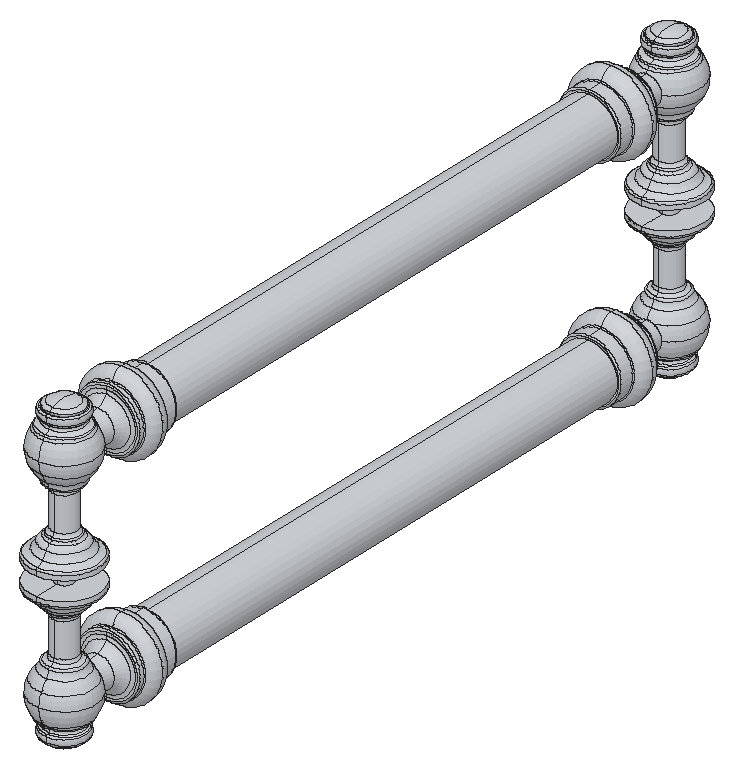
Revit family "Accessory-Handle-KOHLER-ARTIFACTS-K-701728", category Specialty Equipment, host Face, Revit 2017
Family settings
  Host = Face
  Round Connector Dimension = Use Diameter
  Part Type = Normal
  OmniClass Number = 23.31.25.00
  OmniClass Title = Toilet and Bath Specialties
  Cut with Voids When Loaded = No
  Shared = No
  Room Calculation Point = No
Parameters (values of type "CP-Polished Chrome")
  Width = 1 3/8"  # constant formula
  WaterSense Certified = 1 = 0  # no
  URL = "https://www.us.kohler.com/us/"
  Type = 1
  Product Page URL = "http://www.us.kohler.com/us/catalog/productDetails.jsp?productId=701728"
  Product Name = "ARTIFACTS"  # constant formula
  Product Documentation Link = "https://www.us.kohler.com/webassets/kpna/catalog/pdf/en/K-701728_spec_US-CA_Kohler_en.pdf"
  Model = if(Type = 1, "K-701728-CP", if(Type = 2, "K-701728-BN", if(Type = 3, "K-701728-SN", if(Type = 4, "K-701728-2BZ", "NA"))))  # "K-701728-CP"
  Material = "Premium Metal Construction"  # constant formula
  Master Format 2014 Name = "Toilet, Bath, and Laundry Accessories"  # constant formula
  Master Format 2014 = "10 28 00"  # constant formula
  Manufacturer Address = "444 Highland Dr, Kohler, WI 53044"  # constant formula
  Manufacturer = "KOHLER Co."  # constant formula
  Length = 2 7/8"  # constant formula
  Height = 15"  # constant formula
  Finish = Kohler-Metal-CP-Polished_Chrome
  Environmental Product Declaration = ""
  Description = "BACK TO BACK HANDLE"  # constant formula
  Default Elevation = 42"
  Declare Label = ""
  Date Modified = "10/01/2021"  # constant formula
  Date Created = "10/01/2021"  # constant formula
  Copyright = "Copyright KOHLER Co."  # constant formula
  Contact Us = "https://www.us.kohler.com/us/static/contact.jsp"
  Assembly Code = "C1030200"
  ADA Compliant = 1 = 0  # no
Reference planes (in)
  plane 1 "Center (Front/Back)": y = 0
  plane 2: z = 0
  plane 3 "Center (Left/Right)": x = 0
  plane 4: x = -0.8125
  plane 5: x = -0.5625
  plane 6: x = 0.8125
  plane 7: x = 0.5625
  plane 8: y = 8.1875
  plane 9: y = 7.5
  plane 10: y = 6.8125
  plane 11: y = -8.1875
  plane 12: y = -7.5
  plane 13: y = -6.8125
  plane 14: z = 2.875
  plane 15: z = 2.8102
  plane 16: z = 2.5602
  plane 17: z = 1.9977
  plane 18: z = -0.1875
  plane 19: z = -0.375
  plane 20: z = 1.1852
  plane 21: z = 1.4352
  plane 22: z = -3.25
  plane 23: z = -3.1852
  plane 24: z = -2.9352
  plane 25: z = -2.3727
  plane 26: z = -1.5602
  plane 27: z = -1.8102
  plane 28: x = 0.6875
  plane 29: x = -0.6875
Forms (in)
  Extrusion 1, void
    sketch origin (0, 0, 0) x (0, 1, 0) y (0, 0, 1)
      loop
        line (-8.25, -0.375) -> (-8.25, -3.29688) -> (8.25, -3.29688) -> (8.25, -0.375) -> (-8.25, -0.375)
    from -1.06641 to 1.06689
  Revolve 2, void
    sketch origin (0, 0, 0) x (0, 1, 0) y (0, 0, 1)
      loop
        line (7.5, 0) -> (7.5, -0.375) -> (7.71875, -0.375) -> (7.71875, 0) -> (7.5, 0)
      axis (7.5, -0.375) -> (7.5, 0)
    angle from 0 to 360
  Revolve 3, void
    sketch origin (0, 0, 0) x (0, -1, 0) y (0, 0, 1)
      loop
        line (7.5, 0) -> (7.5, -0.375) -> (7.71875, -0.375) -> (7.71875, 0) -> (7.5, 0)
      axis (7.5, -0.375) -> (7.5, 0)
    angle from 0 to 360
Dimensions and locks (in)
  "Width": plane 29 to plane 28
  plane 11 to plane 8 = 16 3/8"
  "Height": plane 12 to plane 9
  plane 4 to plane 6 = 1 5/8"
  "Length": plane 14 to level
  level to plane 19 = 3/8"
  plane 22 to plane 14 = 6 1/8"
  aligned and locked: plane 2 to host face
  aligned and locked: level to host face
Automatic sketch dimensions
  host sketch curve to host sketch curve = 96"  (x2)
  Extrusion 1 sketch curve to plane 19 = 0"
  Extrusion 1 sketch curve to plane 11 = 1/16"
  Extrusion 1 sketch curve to plane 8 = 1/16"
  Extrusion 1 sketch curve to plane 22 = 3/64"
  Revolve 2 sketch curve to level = 0"  (x2)
  Revolve 2 sketch curve to plane 9 = 0"  (x2)
  Revolve 2 sketch curve to plane 19 = 0"
  Revolve 2 sketch curve to plane 9 = 7/32"
  Revolve 2 sketch curve to Revolve 2 sketch curve = 0.1691"
  Revolve 3 sketch curve to level = 0"  (x2)
  Revolve 3 sketch curve to plane 12 = 0"  (x2)
  Revolve 3 sketch curve to plane 19 = 0"
  plane 12 to Revolve 3 sketch curve = 7/32"
  Revolve 3 sketch curve to Revolve 3 sketch curve = 0.1691"
Nested families (in)
  nested 1: "K-701728" at (0, 0, -0.1875), type "K-701728"
Definition of nested family "K-701728"
  Parameters (values of type "K-701728")
    Material = none
  Reference planes (in)
    plane 1 "Center (Front/Back)": y = 0
    plane 2: z = 0
    plane 3 "Center (Left/Right)": x = 0
    plane 4: y = 7.5
    plane 5: y = -7.5
    plane 6: y = 8.1875
    plane 7: y = -8.1875
    plane 8: x = -0.8125
    plane 9: x = 0.8125
    plane 10: y = 6.8125
    plane 11: y = -6.8125
    plane 12: z = 2.1852
    plane 13: z = 0.1875
    plane 14: z = 2.7477
    plane 15: z = 1.6227
    plane 16: z = 3.0625
    plane 17: z = -2.1852
    plane 18: z = -0.1875
    plane 19: z = -3.0625
    plane 20: z = 1.3727
    plane 21: z = 2.9977
    plane 22: x = -0.5625
    plane 23: x = 0.5625
    plane 24: z = -2.7477
    plane 25: z = -1.6227
    plane 26: z = -1.3727
    plane 27: z = -2.9977
    plane 28: z = 0
  Forms (in)
    Revolve 1, solid, material <- "Material", detail levels medium+fine
      sketch origin (0, 0, 0) x (0, 1, 0) y (0, 0, 1)
        loop
          line (7.61577, 0.03937) -> (7.66707, 0.03937) -> (7.66707, 0.1875) -> (8.1875, 0.1875) -> (8.1875, 0.2826)
          arc (8.1875, 0.2826) -> (8.18007, 0.30479) -> (8.16077, 0.31803) r 0.03685
          arc (8.16077, 0.31803) -> (8.09028, 0.34817) -> (8.02952, 0.39492) r 0.30527
          arc (8.02952, 0.39492) -> (7.97892, 0.45647) -> (7.9417, 0.52693) r 0.39504
          arc (7.9417, 0.52693) -> (7.90513, 0.58102) -> (7.8497, 0.61554) r 0.15692
          arc (7.8497, 0.61554) -> (7.82338, 0.63434) -> (7.81062, 0.66407) r 0.06006
          arc (7.81062, 0.66407) -> (7.80439, 0.68183) -> (7.79161, 0.69564) r 0.0463
          arc (7.79161, 0.69564) -> (7.7593, 0.73297) -> (7.74767, 0.78095) r 0.10478
          line (7.74767, 0.78095) -> (7.74767, 1.45683)
          arc (7.74767, 1.45683) -> (7.75159, 1.49308) -> (7.76315, 1.52766) r 0.1698
          arc (7.76315, 1.52766) -> (7.7959, 1.56675) -> (7.84397, 1.58372) r 0.09663
          arc (7.84397, 1.58372) -> (7.8656, 1.59306) -> (7.87676, 1.6138) r 0.03583
          arc (7.87676, 1.6138) -> (7.89868, 1.6826) -> (7.93996, 1.74184) r 0.24158
          arc (7.93996, 1.74184) -> (8.01265, 1.83274) -> (8.06913, 1.93451) r 0.69364
          arc (8.06913, 1.93451) -> (8.1093, 2.057) -> (8.1229, 2.1852) r 0.61126
          arc (8.1229, 2.1852) -> (8.09708, 2.363) -> (8.02175, 2.52611) r 0.62508
          arc (8.02175, 2.52611) -> (8.00689, 2.55199) -> (7.99501, 2.57936) r 0.26775
          arc (7.99501, 2.57936) -> (7.98535, 2.59309) -> (7.97016, 2.60021) r 0.0327
          arc (7.97016, 2.60021) -> (7.91722, 2.62139) -> (7.87683, 2.66165) r 0.14236
          arc (7.87683, 2.66165) -> (7.86726, 2.69517) -> (7.87876, 2.72808) r 0.05766
          arc (7.87876, 2.72808) -> (7.89228, 2.74299) -> (7.90834, 2.75512) r 0.10781
          arc (7.90834, 2.75512) -> (7.92356, 2.76879) -> (7.93306, 2.7869) r 0.05777
          arc (7.93306, 2.7869) -> (7.94167, 2.84309) -> (7.93293, 2.89925) r 0.18626
          arc (7.93293, 2.89925) -> (7.92061, 2.91639) -> (7.90053, 2.92295) r 0.034
          line (7.90053, 2.92295) -> (7.85447, 2.92295)
          arc (7.85447, 2.92295) -> (7.87093, 2.93283) -> (7.86931, 2.95196) r 0.01814
          arc (7.86931, 2.95196) -> (7.83541, 2.98595) -> (7.79334, 3.00907) r 0.16947
          arc (7.79334, 3.00907) -> (7.64908, 3.04903) -> (7.5, 3.0625) r 0.83188
          line (7.5, 3.0625) -> (7.5, -3.0625)
          arc (7.5, -3.0625) -> (7.64908, -3.04903) -> (7.79334, -3.00907) r 0.83188
          arc (7.79334, -3.00907) -> (7.83541, -2.98595) -> (7.86931, -2.95196) r 0.16947
          arc (7.86931, -2.95196) -> (7.87093, -2.93283) -> (7.85447, -2.92295) r 0.01814
          line (7.85447, -2.92295) -> (7.90053, -2.92295)
          arc (7.90053, -2.92295) -> (7.92061, -2.91639) -> (7.93293, -2.89925) r 0.034
          arc (7.93293, -2.89925) -> (7.94167, -2.84309) -> (7.93306, -2.7869) r 0.18626
          arc (7.93306, -2.7869) -> (7.92356, -2.76879) -> (7.90834, -2.75512) r 0.05777
          arc (7.90834, -2.75512) -> (7.89228, -2.74299) -> (7.87876, -2.72808) r 0.10781
          arc (7.87876, -2.72808) -> (7.86726, -2.69517) -> (7.87683, -2.66165) r 0.05766
          arc (7.87683, -2.66165) -> (7.91722, -2.62139) -> (7.97016, -2.60021) r 0.14236
          arc (7.97016, -2.60021) -> (7.98535, -2.59309) -> (7.99501, -2.57936) r 0.0327
          arc (7.99501, -2.57936) -> (8.00689, -2.55199) -> (8.02175, -2.52611) r 0.26775
          arc (8.02175, -2.52611) -> (8.09708, -2.363) -> (8.1229, -2.1852) r 0.62508
          arc (8.1229, -2.1852) -> (8.1093, -2.057) -> (8.06913, -1.93451) r 0.61126
          arc (8.06913, -1.93451) -> (8.01265, -1.83274) -> (7.93996, -1.74184) r 0.69364
          arc (7.93996, -1.74184) -> (7.89868, -1.6826) -> (7.87676, -1.6138) r 0.24158
          arc (7.87676, -1.6138) -> (7.8656, -1.59306) -> (7.84397, -1.58372) r 0.03583
          arc (7.84397, -1.58372) -> (7.7959, -1.56675) -> (7.76315, -1.52766) r 0.09663
          arc (7.76315, -1.52766) -> (7.75159, -1.49308) -> (7.74767, -1.45683) r 0.1698
          line (7.74767, -1.45683) -> (7.74767, -0.78095)
          arc (7.74767, -0.78095) -> (7.7593, -0.73297) -> (7.79161, -0.69564) r 0.10478
          arc (7.79161, -0.69564) -> (7.80439, -0.68183) -> (7.81062, -0.66407) r 0.0463
          arc (7.81062, -0.66407) -> (7.82338, -0.63434) -> (7.8497, -0.61554) r 0.06006
          arc (7.8497, -0.61554) -> (7.90513, -0.58102) -> (7.9417, -0.52693) r 0.15692
          arc (7.9417, -0.52693) -> (7.97892, -0.45647) -> (8.02952, -0.39492) r 0.39504
          arc (8.02952, -0.39492) -> (8.09028, -0.34817) -> (8.16077, -0.31803) r 0.30527
          arc (8.16077, -0.31803) -> (8.18007, -0.30479) -> (8.1875, -0.2826) r 0.03685
          line (8.1875, -0.2826) -> (8.1875, -0.1875) -> (7.66707, -0.1875) -> (7.66707, -0.03937) -> (7.61577, -0.03937) -> (7.61577, 0.03937)
        axis (7.5, -3.0625) -> (7.5, 3.0625)
      angle from 0 to 360
    Revolve 2, solid, material <- "Material", detail levels medium+fine
      sketch origin (0, 0, 0) x (0, -1, 0) y (0, 0, 1)
        loop
          line (7.61577, 0.03937) -> (7.66707, 0.03937) -> (7.66707, 0.1875) -> (8.1875, 0.1875) -> (8.1875, 0.2826)
          arc (8.1875, 0.2826) -> (8.18007, 0.30479) -> (8.16077, 0.31803) r 0.03685
          arc (8.16077, 0.31803) -> (8.09028, 0.34817) -> (8.02952, 0.39492) r 0.30527
          arc (8.02952, 0.39492) -> (7.97892, 0.45647) -> (7.9417, 0.52693) r 0.39504
          arc (7.9417, 0.52693) -> (7.90513, 0.58102) -> (7.8497, 0.61554) r 0.15692
          arc (7.8497, 0.61554) -> (7.82338, 0.63434) -> (7.81062, 0.66407) r 0.06006
          arc (7.81062, 0.66407) -> (7.80439, 0.68183) -> (7.79161, 0.69564) r 0.0463
          arc (7.79161, 0.69564) -> (7.7593, 0.73297) -> (7.74767, 0.78095) r 0.10478
          line (7.74767, 0.78095) -> (7.74767, 1.45683)
          arc (7.74767, 1.45683) -> (7.75159, 1.49308) -> (7.76315, 1.52766) r 0.1698
          arc (7.76315, 1.52766) -> (7.7959, 1.56675) -> (7.84397, 1.58372) r 0.09663
          arc (7.84397, 1.58372) -> (7.8656, 1.59306) -> (7.87676, 1.6138) r 0.03583
          arc (7.87676, 1.6138) -> (7.89868, 1.6826) -> (7.93996, 1.74184) r 0.24158
          arc (7.93996, 1.74184) -> (8.01265, 1.83274) -> (8.06913, 1.93451) r 0.69364
          arc (8.06913, 1.93451) -> (8.1093, 2.057) -> (8.1229, 2.1852) r 0.61126
          arc (8.1229, 2.1852) -> (8.09708, 2.363) -> (8.02175, 2.52611) r 0.62508
          arc (8.02175, 2.52611) -> (8.00689, 2.55199) -> (7.99501, 2.57936) r 0.26775
          arc (7.99501, 2.57936) -> (7.98535, 2.59309) -> (7.97016, 2.60021) r 0.0327
          arc (7.97016, 2.60021) -> (7.91722, 2.62139) -> (7.87683, 2.66165) r 0.14236
          arc (7.87683, 2.66165) -> (7.86726, 2.69517) -> (7.87876, 2.72808) r 0.05766
          arc (7.87876, 2.72808) -> (7.89228, 2.74299) -> (7.90834, 2.75512) r 0.10781
          arc (7.90834, 2.75512) -> (7.92356, 2.76879) -> (7.93306, 2.7869) r 0.05777
          arc (7.93306, 2.7869) -> (7.94167, 2.84309) -> (7.93293, 2.89925) r 0.18626
          arc (7.93293, 2.89925) -> (7.92061, 2.91639) -> (7.90053, 2.92295) r 0.034
          line (7.90053, 2.92295) -> (7.85447, 2.92295)
          arc (7.85447, 2.92295) -> (7.87093, 2.93283) -> (7.86931, 2.95196) r 0.01814
          arc (7.86931, 2.95196) -> (7.83541, 2.98595) -> (7.79334, 3.00907) r 0.16947
          arc (7.79334, 3.00907) -> (7.64908, 3.04903) -> (7.5, 3.0625) r 0.83188
          line (7.5, 3.0625) -> (7.5, -3.0625)
          arc (7.5, -3.0625) -> (7.64908, -3.04903) -> (7.79334, -3.00907) r 0.83188
          arc (7.79334, -3.00907) -> (7.83541, -2.98595) -> (7.86931, -2.95196) r 0.16947
          arc (7.86931, -2.95196) -> (7.87093, -2.93283) -> (7.85447, -2.92295) r 0.01814
          line (7.85447, -2.92295) -> (7.90053, -2.92295)
          arc (7.90053, -2.92295) -> (7.92061, -2.91639) -> (7.93293, -2.89925) r 0.034
          arc (7.93293, -2.89925) -> (7.94167, -2.84309) -> (7.93306, -2.7869) r 0.18626
          arc (7.93306, -2.7869) -> (7.92356, -2.76879) -> (7.90834, -2.75512) r 0.05777
          arc (7.90834, -2.75512) -> (7.89228, -2.74299) -> (7.87876, -2.72808) r 0.10781
          arc (7.87876, -2.72808) -> (7.86726, -2.69517) -> (7.87683, -2.66165) r 0.05766
          arc (7.87683, -2.66165) -> (7.91722, -2.62139) -> (7.97016, -2.60021) r 0.14236
          arc (7.97016, -2.60021) -> (7.98535, -2.59309) -> (7.99501, -2.57936) r 0.0327
          arc (7.99501, -2.57936) -> (8.00689, -2.55199) -> (8.02175, -2.52611) r 0.26775
          arc (8.02175, -2.52611) -> (8.09708, -2.363) -> (8.1229, -2.1852) r 0.62508
          arc (8.1229, -2.1852) -> (8.1093, -2.057) -> (8.06913, -1.93451) r 0.61126
          arc (8.06913, -1.93451) -> (8.01265, -1.83274) -> (7.93996, -1.74184) r 0.69364
          arc (7.93996, -1.74184) -> (7.89868, -1.6826) -> (7.87676, -1.6138) r 0.24158
          arc (7.87676, -1.6138) -> (7.8656, -1.59306) -> (7.84397, -1.58372) r 0.03583
          arc (7.84397, -1.58372) -> (7.7959, -1.56675) -> (7.76315, -1.52766) r 0.09663
          arc (7.76315, -1.52766) -> (7.75159, -1.49308) -> (7.74767, -1.45683) r 0.1698
          line (7.74767, -1.45683) -> (7.74767, -0.78095)
          arc (7.74767, -0.78095) -> (7.7593, -0.73297) -> (7.79161, -0.69564) r 0.10478
          arc (7.79161, -0.69564) -> (7.80439, -0.68183) -> (7.81062, -0.66407) r 0.0463
          arc (7.81062, -0.66407) -> (7.82338, -0.63434) -> (7.8497, -0.61554) r 0.06006
          arc (7.8497, -0.61554) -> (7.90513, -0.58102) -> (7.9417, -0.52693) r 0.15692
          arc (7.9417, -0.52693) -> (7.97892, -0.45647) -> (8.02952, -0.39492) r 0.39504
          arc (8.02952, -0.39492) -> (8.09028, -0.34817) -> (8.16077, -0.31803) r 0.30527
          arc (8.16077, -0.31803) -> (8.18007, -0.30479) -> (8.1875, -0.2826) r 0.03685
          line (8.1875, -0.2826) -> (8.1875, -0.1875) -> (7.66707, -0.1875) -> (7.66707, -0.03937) -> (7.61577, -0.03937) -> (7.61577, 0.03937)
        axis (7.5, -3.0625) -> (7.5, 3.0625)
      angle from 0 to 360
    Revolve 3, solid, material <- "Material", detail levels medium+fine
      sketch origin (0, 0, 0) x (0, 1, 0) y (0, 0, 1)
        loop
          arc (6.94888, 2.46679) -> (6.80729, 2.4759) -> (6.66804, 2.5031) r 1.10425
          arc (6.66804, 2.5031) -> (6.54736, 2.56056) -> (6.45605, 2.65817) r 0.35911
          arc (6.45605, 2.65817) -> (6.44022, 2.69327) -> (6.4348, 2.73139) r 0.13679
          line (6.4348, 2.73139) -> (6.4348, 2.78958)
          arc (6.4348, 2.78958) -> (6.42716, 2.80803) -> (6.40871, 2.81567) r 0.02609
          line (6.40871, 2.81567) -> (6.32665, 2.81567)
          arc (6.32665, 2.81567) -> (6.31032, 2.82095) -> (6.30016, 2.83478) r 0.02792
          arc (6.30016, 2.83478) -> (6.2135, 2.95272) -> (6.07422, 2.9977) r 0.23812
          arc (6.07422, 2.9977) -> (5.92211, 2.95242) -> (5.81952, 2.83134) r 0.27815
          arc (5.81952, 2.83134) -> (5.80939, 2.81937) -> (5.79436, 2.8149) r 0.02748
          line (5.79436, 2.8149) -> (5.52158, 2.8149)
          arc (5.52158, 2.8149) -> (5.50475, 2.80793) -> (5.49778, 2.7911) r 0.0238
          line (5.49778, 2.7911) -> (5.49778, 2.7477) -> (-5.49778, 2.7477) -> (-5.49778, 2.7911)
          arc (-5.49778, 2.7911) -> (-5.50475, 2.80793) -> (-5.52158, 2.8149) r 0.0238
          line (-5.52158, 2.8149) -> (-5.79436, 2.8149)
          arc (-5.79436, 2.8149) -> (-5.80939, 2.81937) -> (-5.81952, 2.83134) r 0.02748
          arc (-5.81952, 2.83134) -> (-5.92211, 2.95242) -> (-6.07422, 2.9977) r 0.27815
          arc (-6.07422, 2.9977) -> (-6.2135, 2.95272) -> (-6.30016, 2.83478) r 0.23812
          arc (-6.30016, 2.83478) -> (-6.31032, 2.82095) -> (-6.32665, 2.81567) r 0.02792
          line (-6.32665, 2.81567) -> (-6.40871, 2.81567)
          arc (-6.40871, 2.81567) -> (-6.42716, 2.80803) -> (-6.4348, 2.78958) r 0.02609
          line (-6.4348, 2.78958) -> (-6.4348, 2.73139)
          arc (-6.4348, 2.73139) -> (-6.44022, 2.69327) -> (-6.45605, 2.65817) r 0.13679
          arc (-6.45605, 2.65817) -> (-6.54736, 2.56056) -> (-6.66804, 2.5031) r 0.35911
          arc (-6.66804, 2.5031) -> (-6.80729, 2.4759) -> (-6.94888, 2.46679) r 1.10425
          line (-6.94888, 2.46679) -> (-7.4592, 2.46679) -> (-7.4592, 2.1852) -> (7.5, 2.1852) -> (7.5, 2.46679) -> (6.94888, 2.46679)
        axis (7.5, 2.1852) -> (-7.4592, 2.1852)
      angle from 0 to 360
    Revolve 4, solid, material <- "Material", detail levels medium+fine
      sketch origin (0, 0, 0) x (0, 1, 0) y (0, 0, -1)
        loop
          arc (6.94888, 2.46679) -> (6.80729, 2.4759) -> (6.66804, 2.5031) r 1.10425
          arc (6.66804, 2.5031) -> (6.54736, 2.56056) -> (6.45605, 2.65817) r 0.35911
          arc (6.45605, 2.65817) -> (6.44022, 2.69327) -> (6.4348, 2.73139) r 0.13679
          line (6.4348, 2.73139) -> (6.4348, 2.78958)
          arc (6.4348, 2.78958) -> (6.42716, 2.80803) -> (6.40871, 2.81567) r 0.02609
          line (6.40871, 2.81567) -> (6.32665, 2.81567)
          arc (6.32665, 2.81567) -> (6.31032, 2.82095) -> (6.30016, 2.83478) r 0.02792
          arc (6.30016, 2.83478) -> (6.2135, 2.95272) -> (6.07422, 2.9977) r 0.23812
          arc (6.07422, 2.9977) -> (5.92211, 2.95242) -> (5.81952, 2.83134) r 0.27815
          arc (5.81952, 2.83134) -> (5.80939, 2.81937) -> (5.79436, 2.8149) r 0.02748
          line (5.79436, 2.8149) -> (5.52158, 2.8149)
          arc (5.52158, 2.8149) -> (5.50475, 2.80793) -> (5.49778, 2.7911) r 0.0238
          line (5.49778, 2.7911) -> (5.49778, 2.7477) -> (-5.49778, 2.7477) -> (-5.49778, 2.7911)
          arc (-5.49778, 2.7911) -> (-5.50475, 2.80793) -> (-5.52158, 2.8149) r 0.0238
          line (-5.52158, 2.8149) -> (-5.79436, 2.8149)
          arc (-5.79436, 2.8149) -> (-5.80939, 2.81937) -> (-5.81952, 2.83134) r 0.02748
          arc (-5.81952, 2.83134) -> (-5.92211, 2.95242) -> (-6.07422, 2.9977) r 0.27815
          arc (-6.07422, 2.9977) -> (-6.2135, 2.95272) -> (-6.30016, 2.83478) r 0.23812
          arc (-6.30016, 2.83478) -> (-6.31032, 2.82095) -> (-6.32665, 2.81567) r 0.02792
          line (-6.32665, 2.81567) -> (-6.40871, 2.81567)
          arc (-6.40871, 2.81567) -> (-6.42716, 2.80803) -> (-6.4348, 2.78958) r 0.02609
          line (-6.4348, 2.78958) -> (-6.4348, 2.73139)
          arc (-6.4348, 2.73139) -> (-6.44022, 2.69327) -> (-6.45605, 2.65817) r 0.13679
          arc (-6.45605, 2.65817) -> (-6.54736, 2.56056) -> (-6.66804, 2.5031) r 0.35911
          arc (-6.66804, 2.5031) -> (-6.80729, 2.4759) -> (-6.94888, 2.46679) r 1.10425
          line (-6.94888, 2.46679) -> (-7.5, 2.46679) -> (-7.5, 2.1852) -> (7.5, 2.1852) -> (7.5, 2.46679) -> (6.94888, 2.46679)
        axis (7.5, 2.1852) -> (-7.5, 2.1852)
      angle from 0 to 360
    Revolve 5, solid, material <- "Material", detail levels coarse
      sketch origin (0, 0, 0) x (0, 1, 0) y (0, 0, 1)
        loop
          line (7.5, -3.0625) -> (7.87876, -3.0625) -> (7.87876, -2.72808) -> (8.1229, -2.72808) -> (8.1229, -1.74184) -> (7.74767, -1.74184) -> (7.74767, -0.61554) -> (8.1875, -0.61554) -> (8.1875, -0.1875) -> (7.66707, -0.1875) -> (7.66707, -0.00236) -> (7.66707, 0.1875) -> (8.1875, 0.1875) -> (8.1875, 0.61554) -> (7.74767, 0.61554) -> (7.74767, 1.74184) -> (8.1229, 1.74184) -> (8.1229, 2.72808) -> (7.87876, 2.72808) -> (7.87876, 3.0625) -> (7.5, 3.0625) -> (7.5, -3.0625)
        axis (7.5, -3.0625) -> (7.5, 3.0625)
      angle from 0 to 360
    Revolve 6, solid, material <- "Material", detail levels coarse
      sketch origin (0, 0, 0) x (0, -1, 0) y (0, 0, 1)
        loop
          line (7.5, -3.0625) -> (7.87876, -3.0625) -> (7.87876, -2.72808) -> (8.1229, -2.72808) -> (8.1229, -1.74184) -> (7.74767, -1.74184) -> (7.74767, -0.61554) -> (8.1875, -0.61554) -> (8.1875, -0.1875) -> (7.66707, -0.1875) -> (7.66707, -0.00236) -> (7.66707, 0.1875) -> (8.1875, 0.1875) -> (8.1875, 0.61554) -> (7.74767, 0.61554) -> (7.74767, 1.74184) -> (8.1229, 1.74184) -> (8.1229, 2.72808) -> (7.87876, 2.72808) -> (7.87876, 3.0625) -> (7.5, 3.0625) -> (7.5, -3.0625)
        axis (7.5, -3.0625) -> (7.5, 3.0625)
      angle from 0 to 360
    Revolve 7, solid, material <- "Material", detail levels coarse
      sketch origin (0, 0, 0) x (0, 1, 0) y (0, 0, 1)
        loop
          line (-7.5, 2.1852) -> (7.5, 2.1852) -> (7.5, 2.4668) -> (6.32665, 2.4668) -> (6.32665, 2.9977) -> (5.79436, 2.9977) -> (5.79436, 2.7477) -> (-5.79436, 2.7477) -> (-5.79436, 2.9977) -> (-6.32665, 2.9977) -> (-6.32665, 2.4668) -> (-7.5, 2.4668) -> (-7.5, 2.1852)
        axis (7.5, 2.1852) -> (-7.5, 2.1852)
      angle from 0 to 360
    Revolve 8, solid, material <- "Material", detail levels coarse
      sketch origin (0, 0, 0) x (0, 1, 0) y (0, 0, -1)
        loop
          line (-7.5, 2.1852) -> (7.5, 2.1852) -> (7.5, 2.4668) -> (6.32665, 2.4668) -> (6.32665, 2.9977) -> (5.79436, 2.9977) -> (5.79436, 2.7477) -> (-5.79436, 2.7477) -> (-5.79436, 2.9977) -> (-6.32665, 2.9977) -> (-6.32665, 2.4668) -> (-7.5, 2.4668) -> (-7.5, 2.1852)
        axis (7.5, 2.1852) -> (-7.5, 2.1852)
      angle from 0 to 360
  Cuts and joins
    joined: Revolve 5, Revolve 6, Revolve 7, Revolve 8
  Lines and regions (in)
    Masking region 1
      outline origin (0, 0, 0) x (0, 1, 0) y (0, 0, 1)
        loop
          line (7.61577, 0.03937) -> (7.66707, 0.03937) -> (7.66707, 0.1875) -> (8.1875, 0.1875) -> (8.1875, 0.2826)
          arc (8.1875, 0.2826) -> (8.18007, 0.30479) -> (8.16077, 0.31803) r 0.03685
          arc (8.16077, 0.31803) -> (8.09028, 0.34817) -> (8.02952, 0.39492) r 0.30527
          arc (8.02952, 0.39492) -> (7.97892, 0.45647) -> (7.9417, 0.52693) r 0.39504
          arc (7.9417, 0.52693) -> (7.90513, 0.58102) -> (7.8497, 0.61554) r 0.15692
          arc (7.8497, 0.61554) -> (7.82338, 0.63434) -> (7.81062, 0.66407) r 0.06006
          arc (7.81062, 0.66407) -> (7.80439, 0.68183) -> (7.79161, 0.69564) r 0.0463
          arc (7.79161, 0.69564) -> (7.7593, 0.73297) -> (7.74767, 0.78095) r 0.10478
          line (7.74767, 0.78095) -> (7.74767, 1.45683)
          arc (7.74767, 1.45683) -> (7.75159, 1.49308) -> (7.76315, 1.52766) r 0.1698
          arc (7.76315, 1.52766) -> (7.7959, 1.56675) -> (7.84397, 1.58372) r 0.09663
          arc (7.84397, 1.58372) -> (7.8656, 1.59306) -> (7.87676, 1.6138) r 0.03583
          arc (7.87676, 1.6138) -> (7.89868, 1.6826) -> (7.93996, 1.74184) r 0.24158
          arc (7.93996, 1.74184) -> (8.01265, 1.83274) -> (8.06913, 1.93451) r 0.69364
          arc (8.06913, 1.93451) -> (8.1093, 2.057) -> (8.1229, 2.1852) r 0.61126
          arc (8.1229, 2.1852) -> (8.09708, 2.363) -> (8.02175, 2.52611) r 0.62508
          arc (8.02175, 2.52611) -> (8.00689, 2.55199) -> (7.99501, 2.57936) r 0.26775
          arc (7.99501, 2.57936) -> (7.98535, 2.59309) -> (7.97016, 2.60021) r 0.0327
          arc (7.97016, 2.60021) -> (7.91722, 2.62139) -> (7.87683, 2.66165) r 0.14236
          arc (7.87683, 2.66165) -> (7.86726, 2.69517) -> (7.87876, 2.72808) r 0.05766
          arc (7.87876, 2.72808) -> (7.89228, 2.74299) -> (7.90834, 2.75512) r 0.10781
          arc (7.90834, 2.75512) -> (7.92356, 2.76879) -> (7.93306, 2.7869) r 0.05777
          arc (7.93306, 2.7869) -> (7.94167, 2.84309) -> (7.93293, 2.89925) r 0.18626
          arc (7.93293, 2.89925) -> (7.92061, 2.91639) -> (7.90053, 2.92295) r 0.034
          line (7.90053, 2.92295) -> (7.85447, 2.92295)
          arc (7.85447, 2.92295) -> (7.87093, 2.93283) -> (7.86931, 2.95196) r 0.01814
          arc (7.86931, 2.95196) -> (7.83541, 2.98595) -> (7.79334, 3.00907) r 0.16947
          arc (7.79334, 3.00907) -> (7.64908, 3.04903) -> (7.5, 3.0625) r 0.83188
          arc (7.5, 3.0625) -> (7.35092, 3.04903) -> (7.20666, 3.00907) r 0.83188
          arc (7.20666, 3.00907) -> (7.16459, 2.98595) -> (7.13069, 2.95196) r 0.16947
          arc (7.13069, 2.95196) -> (7.12907, 2.93283) -> (7.14553, 2.92295) r 0.01814
          line (7.14553, 2.92295) -> (7.09947, 2.92295)
          arc (7.09947, 2.92295) -> (7.07939, 2.91639) -> (7.06707, 2.89925) r 0.034
          arc (7.06707, 2.89925) -> (7.05833, 2.84309) -> (7.06694, 2.7869) r 0.18626
          arc (7.06694, 2.7869) -> (7.07644, 2.76879) -> (7.09166, 2.75512) r 0.05777
          arc (7.09166, 2.75512) -> (7.10772, 2.74299) -> (7.12124, 2.72808) r 0.10781
          arc (7.12124, 2.72808) -> (7.13274, 2.69517) -> (7.12317, 2.66165) r 0.05766
          arc (7.12317, 2.66165) -> (7.08278, 2.62139) -> (7.02984, 2.60021) r 0.14236
          arc (7.02984, 2.60021) -> (7.01465, 2.59309) -> (7.00499, 2.57936) r 0.0327
          arc (7.00499, 2.57936) -> (6.99311, 2.55199) -> (6.97825, 2.52611) r 0.26775
          arc (6.97825, 2.52611) -> (6.96038, 2.49692) -> (6.94413, 2.4668) r 0.62508
          arc (6.94413, 2.4668) -> (6.80493, 2.47621) -> (6.66804, 2.5031) r 1.10425
          arc (6.66804, 2.5031) -> (6.54736, 2.56056) -> (6.45605, 2.65817) r 0.35911
          arc (6.45605, 2.65817) -> (6.44022, 2.69327) -> (6.4348, 2.73139) r 0.13679
          line (6.4348, 2.73139) -> (6.4348, 2.78958)
          arc (6.4348, 2.78958) -> (6.42716, 2.80803) -> (6.40871, 2.81567) r 0.02609
          line (6.40871, 2.81567) -> (6.32665, 2.81567)
          arc (6.32665, 2.81567) -> (6.31032, 2.82095) -> (6.30016, 2.83478) r 0.02792
          arc (6.30016, 2.83478) -> (6.2135, 2.95272) -> (6.07422, 2.9977) r 0.23812
          arc (6.07422, 2.9977) -> (5.92211, 2.95242) -> (5.81952, 2.83134) r 0.27815
          arc (5.81952, 2.83134) -> (5.80939, 2.81937) -> (5.79436, 2.8149) r 0.02748
          line (5.79436, 2.8149) -> (5.52158, 2.8149)
          arc (5.52158, 2.8149) -> (5.50475, 2.80793) -> (5.49778, 2.7911) r 0.0238
          line (5.49778, 2.7911) -> (5.49778, 2.7477) -> (-5.49778, 2.7477) -> (-5.49778, 2.7911)
          arc (-5.49778, 2.7911) -> (-5.50475, 2.80793) -> (-5.52158, 2.8149) r 0.0238
          line (-5.52158, 2.8149) -> (-5.79436, 2.8149)
          arc (-5.79436, 2.8149) -> (-5.80939, 2.81937) -> (-5.81952, 2.83134) r 0.02748
          arc (-5.81952, 2.83134) -> (-5.92211, 2.95242) -> (-6.07422, 2.9977) r 0.27815
          arc (-6.07422, 2.9977) -> (-6.2135, 2.95272) -> (-6.30016, 2.83478) r 0.23812
          arc (-6.30016, 2.83478) -> (-6.31032, 2.82095) -> (-6.32665, 2.81567) r 0.02792
          line (-6.32665, 2.81567) -> (-6.40871, 2.81567)
          arc (-6.40871, 2.81567) -> (-6.42716, 2.80803) -> (-6.4348, 2.78958) r 0.02609
          line (-6.4348, 2.78958) -> (-6.4348, 2.73139)
          arc (-6.4348, 2.73139) -> (-6.44022, 2.69327) -> (-6.45605, 2.65817) r 0.13679
          arc (-6.45605, 2.65817) -> (-6.54736, 2.56056) -> (-6.66804, 2.5031) r 0.35911
          arc (-6.66804, 2.5031) -> (-6.80493, 2.47621) -> (-6.94413, 2.4668) r 1.10425
          arc (-6.94413, 2.4668) -> (-6.96038, 2.49692) -> (-6.97825, 2.52611) r 0.62508
          arc (-6.97825, 2.52611) -> (-6.99311, 2.55199) -> (-7.00499, 2.57936) r 0.26775
          arc (-7.00499, 2.57936) -> (-7.01465, 2.59309) -> (-7.02984, 2.60021) r 0.0327
          arc (-7.02984, 2.60021) -> (-7.08278, 2.62139) -> (-7.12317, 2.66165) r 0.14236
          arc (-7.12317, 2.66165) -> (-7.13274, 2.69517) -> (-7.12124, 2.72808) r 0.05766
          arc (-7.12124, 2.72808) -> (-7.10772, 2.74299) -> (-7.09166, 2.75512) r 0.10781
          arc (-7.09166, 2.75512) -> (-7.07644, 2.76879) -> (-7.06694, 2.7869) r 0.05777
          arc (-7.06694, 2.7869) -> (-7.05833, 2.84309) -> (-7.06707, 2.89925) r 0.18626
          arc (-7.06707, 2.89925) -> (-7.07939, 2.91639) -> (-7.09947, 2.92295) r 0.034
          line (-7.09947, 2.92295) -> (-7.14553, 2.92295)
          arc (-7.14553, 2.92295) -> (-7.12907, 2.93283) -> (-7.13069, 2.95196) r 0.01814
          arc (-7.13069, 2.95196) -> (-7.16459, 2.98595) -> (-7.20666, 3.00907) r 0.16947
          arc (-7.20666, 3.00907) -> (-7.35092, 3.04903) -> (-7.5, 3.0625) r 0.83188
          arc (-7.5, 3.0625) -> (-7.64908, 3.04903) -> (-7.79334, 3.00907) r 0.83188
          arc (-7.79334, 3.00907) -> (-7.83541, 2.98595) -> (-7.86931, 2.95196) r 0.16947
          arc (-7.86931, 2.95196) -> (-7.87093, 2.93283) -> (-7.85447, 2.92295) r 0.01814
          line (-7.85447, 2.92295) -> (-7.90053, 2.92295)
          arc (-7.90053, 2.92295) -> (-7.92061, 2.91639) -> (-7.93293, 2.89925) r 0.034
          arc (-7.93293, 2.89925) -> (-7.94167, 2.84309) -> (-7.93306, 2.7869) r 0.18626
          arc (-7.93306, 2.7869) -> (-7.92356, 2.76879) -> (-7.90834, 2.75512) r 0.05777
          arc (-7.90834, 2.75512) -> (-7.89228, 2.74299) -> (-7.87876, 2.72808) r 0.10781
          arc (-7.87876, 2.72808) -> (-7.86726, 2.69517) -> (-7.87683, 2.66165) r 0.05766
          arc (-7.87683, 2.66165) -> (-7.91722, 2.62139) -> (-7.97016, 2.60021) r 0.14236
          arc (-7.97016, 2.60021) -> (-7.98535, 2.59309) -> (-7.99501, 2.57936) r 0.0327
          arc (-7.99501, 2.57936) -> (-8.00689, 2.55199) -> (-8.02175, 2.52611) r 0.26775
          arc (-8.02175, 2.52611) -> (-8.09708, 2.363) -> (-8.1229, 2.1852) r 0.62508
          arc (-8.1229, 2.1852) -> (-8.1093, 2.057) -> (-8.06913, 1.93451) r 0.61126
          arc (-8.06913, 1.93451) -> (-8.01265, 1.83274) -> (-7.93996, 1.74184) r 0.69364
          arc (-7.93996, 1.74184) -> (-7.89868, 1.6826) -> (-7.87676, 1.6138) r 0.24158
          arc (-7.87676, 1.6138) -> (-7.8656, 1.59306) -> (-7.84397, 1.58372) r 0.03583
          arc (-7.84397, 1.58372) -> (-7.7959, 1.56675) -> (-7.76315, 1.52766) r 0.09663
          arc (-7.76315, 1.52766) -> (-7.75159, 1.49308) -> (-7.74767, 1.45683) r 0.1698
          line (-7.74767, 1.45683) -> (-7.74767, 0.78095)
          arc (-7.74767, 0.78095) -> (-7.7593, 0.73297) -> (-7.79161, 0.69564) r 0.10478
          arc (-7.79161, 0.69564) -> (-7.80439, 0.68183) -> (-7.81062, 0.66407) r 0.0463
          arc (-7.81062, 0.66407) -> (-7.82338, 0.63434) -> (-7.8497, 0.61554) r 0.06006
          arc (-7.8497, 0.61554) -> (-7.90513, 0.58102) -> (-7.9417, 0.52693) r 0.15692
          arc (-7.9417, 0.52693) -> (-7.97892, 0.45647) -> (-8.02952, 0.39492) r 0.39504
          arc (-8.02952, 0.39492) -> (-8.09028, 0.34817) -> (-8.16077, 0.31803) r 0.30527
          arc (-8.16077, 0.31803) -> (-8.18007, 0.30479) -> (-8.1875, 0.2826) r 0.03685
          line (-8.1875, 0.2826) -> (-8.1875, 0.1875) -> (-7.66707, 0.1875) -> (-7.66707, 0.03937) -> (-7.61577, 0.03937) -> (-7.61577, -0.03937) -> (-7.66707, -0.03937) -> (-7.66707, -0.1875) -> (-8.1875, -0.1875) -> (-8.1875, -0.2826)
          arc (-8.1875, -0.2826) -> (-8.18007, -0.30479) -> (-8.16077, -0.31803) r 0.03685
          arc (-8.16077, -0.31803) -> (-8.09028, -0.34817) -> (-8.02952, -0.39492) r 0.30527
          arc (-8.02952, -0.39492) -> (-7.97892, -0.45647) -> (-7.9417, -0.52693) r 0.39504
          arc (-7.9417, -0.52693) -> (-7.90513, -0.58102) -> (-7.8497, -0.61554) r 0.15692
          arc (-7.8497, -0.61554) -> (-7.82338, -0.63434) -> (-7.81062, -0.66407) r 0.06006
          arc (-7.81062, -0.66407) -> (-7.80439, -0.68183) -> (-7.79161, -0.69564) r 0.0463
          arc (-7.79161, -0.69564) -> (-7.7593, -0.73297) -> (-7.74767, -0.78095) r 0.10478
          line (-7.74767, -0.78095) -> (-7.74767, -1.45683)
          arc (-7.74767, -1.45683) -> (-7.75159, -1.49308) -> (-7.76315, -1.52766) r 0.1698
          arc (-7.76315, -1.52766) -> (-7.7959, -1.56675) -> (-7.84397, -1.58372) r 0.09663
          arc (-7.84397, -1.58372) -> (-7.8656, -1.59306) -> (-7.87676, -1.6138) r 0.03583
          arc (-7.87676, -1.6138) -> (-7.89868, -1.6826) -> (-7.93996, -1.74184) r 0.24158
          arc (-7.93996, -1.74184) -> (-8.01265, -1.83274) -> (-8.06913, -1.93451) r 0.69364
          arc (-8.06913, -1.93451) -> (-8.1093, -2.057) -> (-8.1229, -2.1852) r 0.61126
          arc (-8.1229, -2.1852) -> (-8.09708, -2.363) -> (-8.02175, -2.52611) r 0.62508
          arc (-8.02175, -2.52611) -> (-8.00689, -2.55199) -> (-7.99501, -2.57936) r 0.26775
          arc (-7.99501, -2.57936) -> (-7.98535, -2.59309) -> (-7.97016, -2.60021) r 0.0327
          arc (-7.97016, -2.60021) -> (-7.91722, -2.62139) -> (-7.87683, -2.66165) r 0.14236
          arc (-7.87683, -2.66165) -> (-7.86726, -2.69517) -> (-7.87876, -2.72808) r 0.05766
          arc (-7.87876, -2.72808) -> (-7.89228, -2.74299) -> (-7.90834, -2.75512) r 0.10781
          arc (-7.90834, -2.75512) -> (-7.92356, -2.76879) -> (-7.93306, -2.7869) r 0.05777
          arc (-7.93306, -2.7869) -> (-7.94167, -2.84309) -> (-7.93293, -2.89925) r 0.18626
          arc (-7.93293, -2.89925) -> (-7.92061, -2.91639) -> (-7.90053, -2.92295) r 0.034
          line (-7.90053, -2.92295) -> (-7.85447, -2.92295)
          arc (-7.85447, -2.92295) -> (-7.87093, -2.93283) -> (-7.86931, -2.95196) r 0.01814
          arc (-7.86931, -2.95196) -> (-7.83541, -2.98595) -> (-7.79334, -3.00907) r 0.16947
          arc (-7.79334, -3.00907) -> (-7.64908, -3.04903) -> (-7.5, -3.0625) r 0.83188
          arc (-7.5, -3.0625) -> (-7.35092, -3.04903) -> (-7.20666, -3.00907) r 0.83188
          arc (-7.20666, -3.00907) -> (-7.16459, -2.98595) -> (-7.13069, -2.95196) r 0.16947
          arc (-7.13069, -2.95196) -> (-7.12907, -2.93283) -> (-7.14553, -2.92295) r 0.01814
          line (-7.14553, -2.92295) -> (-7.09947, -2.92295)
          arc (-7.09947, -2.92295) -> (-7.07939, -2.91639) -> (-7.06707, -2.89925) r 0.034
          arc (-7.06707, -2.89925) -> (-7.05833, -2.84309) -> (-7.06694, -2.7869) r 0.18626
          arc (-7.06694, -2.7869) -> (-7.07644, -2.76879) -> (-7.09166, -2.75512) r 0.05777
          arc (-7.09166, -2.75512) -> (-7.10772, -2.74299) -> (-7.12124, -2.72808) r 0.10781
          arc (-7.12124, -2.72808) -> (-7.13274, -2.69517) -> (-7.12317, -2.66165) r 0.05766
          arc (-7.12317, -2.66165) -> (-7.08278, -2.62139) -> (-7.02984, -2.60021) r 0.14236
          arc (-7.02984, -2.60021) -> (-7.01465, -2.59309) -> (-7.00499, -2.57936) r 0.0327
          arc (-7.00499, -2.57936) -> (-6.99311, -2.55199) -> (-6.97825, -2.52611) r 0.26775
          arc (-6.97825, -2.52611) -> (-6.96038, -2.49692) -> (-6.94413, -2.4668) r 0.62508
          arc (-6.94413, -2.4668) -> (-6.80493, -2.47621) -> (-6.66804, -2.5031) r 1.10425
          arc (-6.66804, -2.5031) -> (-6.54736, -2.56056) -> (-6.45605, -2.65817) r 0.35911
          arc (-6.45605, -2.65817) -> (-6.44022, -2.69327) -> (-6.4348, -2.73139) r 0.13679
          line (-6.4348, -2.73139) -> (-6.4348, -2.78958)
          arc (-6.4348, -2.78958) -> (-6.42716, -2.80803) -> (-6.40871, -2.81567) r 0.02609
          line (-6.40871, -2.81567) -> (-6.32665, -2.81567)
          arc (-6.32665, -2.81567) -> (-6.31032, -2.82095) -> (-6.30016, -2.83478) r 0.02792
          arc (-6.30016, -2.83478) -> (-6.2135, -2.95272) -> (-6.07422, -2.9977) r 0.23812
          arc (-6.07422, -2.9977) -> (-5.92211, -2.95242) -> (-5.81952, -2.83134) r 0.27815
          arc (-5.81952, -2.83134) -> (-5.80939, -2.81937) -> (-5.79436, -2.8149) r 0.02748
          line (-5.79436, -2.8149) -> (-5.52158, -2.8149)
          arc (-5.52158, -2.8149) -> (-5.50475, -2.80793) -> (-5.49778, -2.7911) r 0.0238
          line (-5.49778, -2.7911) -> (-5.49778, -2.7477) -> (5.49778, -2.7477) -> (5.49778, -2.7911)
          arc (5.49778, -2.7911) -> (5.50475, -2.80793) -> (5.52158, -2.8149) r 0.0238
          line (5.52158, -2.8149) -> (5.79436, -2.8149)
          arc (5.79436, -2.8149) -> (5.80939, -2.81937) -> (5.81952, -2.83134) r 0.02748
          arc (5.81952, -2.83134) -> (5.92211, -2.95242) -> (6.07422, -2.9977) r 0.27815
          arc (6.07422, -2.9977) -> (6.2135, -2.95272) -> (6.30016, -2.83478) r 0.23812
          arc (6.30016, -2.83478) -> (6.31032, -2.82095) -> (6.32665, -2.81567) r 0.02792
          line (6.32665, -2.81567) -> (6.40871, -2.81567)
          arc (6.40871, -2.81567) -> (6.42716, -2.80803) -> (6.4348, -2.78958) r 0.02609
          line (6.4348, -2.78958) -> (6.4348, -2.73139)
          arc (6.4348, -2.73139) -> (6.44022, -2.69327) -> (6.45605, -2.65817) r 0.13679
          arc (6.45605, -2.65817) -> (6.54736, -2.56056) -> (6.66804, -2.5031) r 0.35911
          arc (6.66804, -2.5031) -> (6.80493, -2.47621) -> (6.94413, -2.4668) r 1.10425
          arc (6.94413, -2.4668) -> (6.96038, -2.49692) -> (6.97825, -2.52611) r 0.62508
          arc (6.97825, -2.52611) -> (6.99311, -2.55199) -> (7.00499, -2.57936) r 0.26775
          arc (7.00499, -2.57936) -> (7.01465, -2.59309) -> (7.02984, -2.60021) r 0.0327
          arc (7.02984, -2.60021) -> (7.08278, -2.62139) -> (7.12317, -2.66165) r 0.14236
          arc (7.12317, -2.66165) -> (7.13274, -2.69517) -> (7.12124, -2.72808) r 0.05766
          arc (7.12124, -2.72808) -> (7.10772, -2.74299) -> (7.09166, -2.75512) r 0.10781
          arc (7.09166, -2.75512) -> (7.07644, -2.76879) -> (7.06694, -2.7869) r 0.05777
          arc (7.06694, -2.7869) -> (7.05833, -2.84309) -> (7.06707, -2.89925) r 0.18626
          arc (7.06707, -2.89925) -> (7.07939, -2.91639) -> (7.09947, -2.92295) r 0.034
          line (7.09947, -2.92295) -> (7.14553, -2.92295)
          arc (7.14553, -2.92295) -> (7.12907, -2.93283) -> (7.13069, -2.95196) r 0.01814
          arc (7.13069, -2.95196) -> (7.16459, -2.98595) -> (7.20666, -3.00907) r 0.16947
          arc (7.20666, -3.00907) -> (7.35092, -3.04903) -> (7.5, -3.0625) r 0.83188
          arc (7.5, -3.0625) -> (7.64908, -3.04903) -> (7.79334, -3.00907) r 0.83188
          arc (7.79334, -3.00907) -> (7.83541, -2.98595) -> (7.86931, -2.95196) r 0.16947
          arc (7.86931, -2.95196) -> (7.87093, -2.93283) -> (7.85447, -2.92295) r 0.01814
          line (7.85447, -2.92295) -> (7.90053, -2.92295)
          arc (7.90053, -2.92295) -> (7.92061, -2.91639) -> (7.93293, -2.89925) r 0.034
          arc (7.93293, -2.89925) -> (7.94167, -2.84309) -> (7.93306, -2.7869) r 0.18626
          arc (7.93306, -2.7869) -> (7.92356, -2.76879) -> (7.90834, -2.75512) r 0.05777
          arc (7.90834, -2.75512) -> (7.89228, -2.74299) -> (7.87876, -2.72808) r 0.10781
          arc (7.87876, -2.72808) -> (7.86726, -2.69517) -> (7.87683, -2.66165) r 0.05766
          arc (7.87683, -2.66165) -> (7.91722, -2.62139) -> (7.97016, -2.60021) r 0.14236
          arc (7.97016, -2.60021) -> (7.98535, -2.59309) -> (7.99501, -2.57936) r 0.0327
          arc (7.99501, -2.57936) -> (8.00689, -2.55199) -> (8.02175, -2.52611) r 0.26775
          arc (8.02175, -2.52611) -> (8.09708, -2.363) -> (8.1229, -2.1852) r 0.62508
          arc (8.1229, -2.1852) -> (8.1093, -2.057) -> (8.06913, -1.93451) r 0.61126
          arc (8.06913, -1.93451) -> (8.01265, -1.83274) -> (7.93996, -1.74184) r 0.69364
          arc (7.93996, -1.74184) -> (7.89868, -1.6826) -> (7.87676, -1.6138) r 0.24158
          arc (7.87676, -1.6138) -> (7.8656, -1.59306) -> (7.84397, -1.58372) r 0.03583
          arc (7.84397, -1.58372) -> (7.7959, -1.56675) -> (7.76315, -1.52766) r 0.09663
          arc (7.76315, -1.52766) -> (7.75159, -1.49308) -> (7.74767, -1.45683) r 0.1698
          line (7.74767, -1.45683) -> (7.74767, -0.78095)
          arc (7.74767, -0.78095) -> (7.7593, -0.73297) -> (7.79161, -0.69564) r 0.10478
          arc (7.79161, -0.69564) -> (7.80439, -0.68183) -> (7.81062, -0.66407) r 0.0463
          arc (7.81062, -0.66407) -> (7.82338, -0.63434) -> (7.8497, -0.61554) r 0.06006
          arc (7.8497, -0.61554) -> (7.90513, -0.58102) -> (7.9417, -0.52693) r 0.15692
          arc (7.9417, -0.52693) -> (7.97892, -0.45647) -> (8.02952, -0.39492) r 0.39504
          arc (8.02952, -0.39492) -> (8.09028, -0.34817) -> (8.16077, -0.31803) r 0.30527
          arc (8.16077, -0.31803) -> (8.18007, -0.30479) -> (8.1875, -0.2826) r 0.03685
          line (8.1875, -0.2826) -> (8.1875, -0.1875) -> (7.66707, -0.1875) -> (7.66707, -0.03937) -> (7.61577, -0.03937) -> (7.61577, 0.03937)
        loop
          line (7.38423, 0.03937) -> (7.33293, 0.03937) -> (7.33293, 0.1875) -> (6.8125, 0.1875) -> (6.8125, 0.2826)
          arc (6.8125, 0.2826) -> (6.81993, 0.30479) -> (6.83923, 0.31803) r 0.03685
          arc (6.83923, 0.31803) -> (6.90972, 0.34817) -> (6.97048, 0.39492) r 0.30527
          arc (6.97048, 0.39492) -> (7.02108, 0.45647) -> (7.0583, 0.52693) r 0.39504
          arc (7.0583, 0.52693) -> (7.09487, 0.58102) -> (7.1503, 0.61554) r 0.15692
          arc (7.1503, 0.61554) -> (7.17662, 0.63434) -> (7.18938, 0.66407) r 0.06006
          arc (7.18938, 0.66407) -> (7.19561, 0.68183) -> (7.20839, 0.69564) r 0.0463
          arc (7.20839, 0.69564) -> (7.2407, 0.73297) -> (7.25233, 0.78095) r 0.10478
          line (7.25233, 0.78095) -> (7.25233, 1.45683)
          arc (7.25233, 1.45683) -> (7.24841, 1.49308) -> (7.23685, 1.52766) r 0.1698
          arc (7.23685, 1.52766) -> (7.2041, 1.56675) -> (7.15603, 1.58372) r 0.09663
          arc (7.15603, 1.58372) -> (7.1344, 1.59306) -> (7.12324, 1.6138) r 0.03583
          arc (7.12324, 1.6138) -> (7.10132, 1.6826) -> (7.06004, 1.74184) r 0.24158
          arc (7.06004, 1.74184) -> (6.99706, 1.81862) -> (6.9457, 1.9036) r 0.69364
          arc (6.9457, 1.9036) -> (6.80571, 1.89429) -> (6.66804, 1.8673) r 1.10425
          arc (6.66804, 1.8673) -> (6.54736, 1.80984) -> (6.45605, 1.71223) r 0.35911
          arc (6.45605, 1.71223) -> (6.44022, 1.67713) -> (6.4348, 1.639) r 0.13679
          line (6.4348, 1.639) -> (6.4348, 1.58081)
          arc (6.4348, 1.58081) -> (6.42716, 1.56237) -> (6.40871, 1.55473) r 0.02609
          line (6.40871, 1.55473) -> (6.32665, 1.55473)
          arc (6.32665, 1.55473) -> (6.31032, 1.54945) -> (6.30016, 1.53562) r 0.02792
          arc (6.30016, 1.53562) -> (6.2135, 1.41768) -> (6.07422, 1.3727) r 0.23812
          arc (6.07422, 1.3727) -> (5.92211, 1.41797) -> (5.81952, 1.53906) r 0.27815
          arc (5.81952, 1.53906) -> (5.80939, 1.55102) -> (5.79436, 1.5555) r 0.02748
          line (5.79436, 1.5555) -> (5.52158, 1.5555)
          arc (5.52158, 1.5555) -> (5.50475, 1.56247) -> (5.49778, 1.5793) r 0.0238
          line (5.49778, 1.5793) -> (5.49778, 1.6227) -> (-5.49778, 1.6227) -> (-5.49778, 1.5793)
          arc (-5.49778, 1.5793) -> (-5.50475, 1.56247) -> (-5.52158, 1.5555) r 0.0238
          line (-5.52158, 1.5555) -> (-5.79436, 1.5555)
          arc (-5.79436, 1.5555) -> (-5.80939, 1.55102) -> (-5.81952, 1.53906) r 0.02748
          arc (-5.81952, 1.53906) -> (-5.92211, 1.41797) -> (-6.07422, 1.3727) r 0.27815
          arc (-6.07422, 1.3727) -> (-6.2135, 1.41768) -> (-6.30016, 1.53562) r 0.23812
          arc (-6.30016, 1.53562) -> (-6.31032, 1.54945) -> (-6.32665, 1.55473) r 0.02792
          line (-6.32665, 1.55473) -> (-6.40871, 1.55473)
          arc (-6.40871, 1.55473) -> (-6.42716, 1.56237) -> (-6.4348, 1.58081) r 0.02609
          line (-6.4348, 1.58081) -> (-6.4348, 1.639)
          arc (-6.4348, 1.639) -> (-6.44022, 1.67713) -> (-6.45605, 1.71223) r 0.13679
          arc (-6.45605, 1.71223) -> (-6.54736, 1.80984) -> (-6.66804, 1.8673) r 0.35911
          arc (-6.66804, 1.8673) -> (-6.80571, 1.89429) -> (-6.9457, 1.9036) r 1.10425
          arc (-6.9457, 1.9036) -> (-6.99706, 1.81862) -> (-7.06004, 1.74184) r 0.69364
          arc (-7.06004, 1.74184) -> (-7.10132, 1.6826) -> (-7.12324, 1.6138) r 0.24158
          arc (-7.12324, 1.6138) -> (-7.1344, 1.59306) -> (-7.15603, 1.58372) r 0.03583
          arc (-7.15603, 1.58372) -> (-7.2041, 1.56675) -> (-7.23685, 1.52766) r 0.09663
          arc (-7.23685, 1.52766) -> (-7.24841, 1.49308) -> (-7.25233, 1.45683) r 0.1698
          line (-7.25233, 1.45683) -> (-7.25233, 0.78095)
          arc (-7.25233, 0.78095) -> (-7.2407, 0.73297) -> (-7.20839, 0.69564) r 0.10478
          arc (-7.20839, 0.69564) -> (-7.19561, 0.68183) -> (-7.18938, 0.66407) r 0.0463
          arc (-7.18938, 0.66407) -> (-7.17662, 0.63434) -> (-7.1503, 0.61554) r 0.06006
          arc (-7.1503, 0.61554) -> (-7.09487, 0.58102) -> (-7.0583, 0.52693) r 0.15692
          arc (-7.0583, 0.52693) -> (-7.02108, 0.45647) -> (-6.97048, 0.39492) r 0.39504
          arc (-6.97048, 0.39492) -> (-6.90972, 0.34817) -> (-6.83923, 0.31803) r 0.30527
          arc (-6.83923, 0.31803) -> (-6.81993, 0.30479) -> (-6.8125, 0.2826) r 0.03685
          line (-6.8125, 0.2826) -> (-6.8125, 0.1875) -> (-7.33293, 0.1875) -> (-7.33293, 0.03937) -> (-7.38423, 0.03937) -> (-7.38423, -0.03937) -> (-7.33293, -0.03937) -> (-7.33293, -0.1875) -> (-6.8125, -0.1875) -> (-6.8125, -0.2826)
          arc (-6.8125, -0.2826) -> (-6.81993, -0.30479) -> (-6.83923, -0.31803) r 0.03685
          arc (-6.83923, -0.31803) -> (-6.90972, -0.34817) -> (-6.97048, -0.39492) r 0.30527
          arc (-6.97048, -0.39492) -> (-7.02108, -0.45647) -> (-7.0583, -0.52693) r 0.39504
          arc (-7.0583, -0.52693) -> (-7.09487, -0.58102) -> (-7.1503, -0.61554) r 0.15692
          arc (-7.1503, -0.61554) -> (-7.17662, -0.63434) -> (-7.18938, -0.66407) r 0.06006
          arc (-7.18938, -0.66407) -> (-7.19561, -0.68183) -> (-7.20839, -0.69564) r 0.0463
          arc (-7.20839, -0.69564) -> (-7.2407, -0.73297) -> (-7.25233, -0.78095) r 0.10478
          line (-7.25233, -0.78095) -> (-7.25233, -1.45683)
          arc (-7.25233, -1.45683) -> (-7.24841, -1.49308) -> (-7.23685, -1.52766) r 0.1698
          arc (-7.23685, -1.52766) -> (-7.2041, -1.56675) -> (-7.15603, -1.58372) r 0.09663
          arc (-7.15603, -1.58372) -> (-7.1344, -1.59306) -> (-7.12324, -1.6138) r 0.03583
          arc (-7.12324, -1.6138) -> (-7.10132, -1.6826) -> (-7.06004, -1.74184) r 0.24158
          arc (-7.06004, -1.74184) -> (-6.99706, -1.81862) -> (-6.9457, -1.9036) r 0.69364
          arc (-6.9457, -1.9036) -> (-6.80571, -1.89429) -> (-6.66804, -1.8673) r 1.10425
          arc (-6.66804, -1.8673) -> (-6.54736, -1.80984) -> (-6.45605, -1.71223) r 0.35911
          arc (-6.45605, -1.71223) -> (-6.44022, -1.67713) -> (-6.4348, -1.639) r 0.13679
          line (-6.4348, -1.639) -> (-6.4348, -1.58081)
          arc (-6.4348, -1.58081) -> (-6.42716, -1.56237) -> (-6.40871, -1.55473) r 0.02609
          line (-6.40871, -1.55473) -> (-6.32665, -1.55473)
          arc (-6.32665, -1.55473) -> (-6.31032, -1.54945) -> (-6.30016, -1.53562) r 0.02792
          arc (-6.30016, -1.53562) -> (-6.2135, -1.41768) -> (-6.07422, -1.3727) r 0.23812
          arc (-6.07422, -1.3727) -> (-5.92211, -1.41797) -> (-5.81952, -1.53906) r 0.27815
          arc (-5.81952, -1.53906) -> (-5.80939, -1.55102) -> (-5.79436, -1.5555) r 0.02748
          line (-5.79436, -1.5555) -> (-5.52158, -1.5555)
          arc (-5.52158, -1.5555) -> (-5.50475, -1.56247) -> (-5.49778, -1.5793) r 0.0238
          line (-5.49778, -1.5793) -> (-5.49778, -1.6227) -> (5.49778, -1.6227) -> (5.49778, -1.5793)
          arc (5.49778, -1.5793) -> (5.50475, -1.56247) -> (5.52158, -1.5555) r 0.0238
          line (5.52158, -1.5555) -> (5.79436, -1.5555)
          arc (5.79436, -1.5555) -> (5.80939, -1.55102) -> (5.81952, -1.53906) r 0.02748
          arc (5.81952, -1.53906) -> (5.92211, -1.41797) -> (6.07422, -1.3727) r 0.27815
          arc (6.07422, -1.3727) -> (6.2135, -1.41768) -> (6.30016, -1.53562) r 0.23812
          arc (6.30016, -1.53562) -> (6.31032, -1.54945) -> (6.32665, -1.55473) r 0.02792
          line (6.32665, -1.55473) -> (6.40871, -1.55473)
          arc (6.40871, -1.55473) -> (6.42716, -1.56237) -> (6.4348, -1.58081) r 0.02609
          line (6.4348, -1.58081) -> (6.4348, -1.639)
          arc (6.4348, -1.639) -> (6.44022, -1.67713) -> (6.45605, -1.71223) r 0.13679
          arc (6.45605, -1.71223) -> (6.54736, -1.80984) -> (6.66804, -1.8673) r 0.35911
          arc (6.66804, -1.8673) -> (6.80571, -1.89429) -> (6.9457, -1.9036) r 1.10425
          arc (6.9457, -1.9036) -> (6.99706, -1.81862) -> (7.06004, -1.74184) r 0.69364
          arc (7.06004, -1.74184) -> (7.10132, -1.6826) -> (7.12324, -1.6138) r 0.24158
          arc (7.12324, -1.6138) -> (7.1344, -1.59306) -> (7.15603, -1.58372) r 0.03583
          arc (7.15603, -1.58372) -> (7.2041, -1.56675) -> (7.23685, -1.52766) r 0.09663
          arc (7.23685, -1.52766) -> (7.24841, -1.49308) -> (7.25233, -1.45683) r 0.1698
          line (7.25233, -1.45683) -> (7.25233, -0.78095)
          arc (7.25233, -0.78095) -> (7.2407, -0.73297) -> (7.20839, -0.69564) r 0.10478
          arc (7.20839, -0.69564) -> (7.19561, -0.68183) -> (7.18938, -0.66407) r 0.0463
          arc (7.18938, -0.66407) -> (7.17662, -0.63434) -> (7.1503, -0.61554) r 0.06006
          arc (7.1503, -0.61554) -> (7.09487, -0.58102) -> (7.0583, -0.52693) r 0.15692
          arc (7.0583, -0.52693) -> (7.02108, -0.45647) -> (6.97048, -0.39492) r 0.39504
          arc (6.97048, -0.39492) -> (6.90972, -0.34817) -> (6.83923, -0.31803) r 0.30527
          arc (6.83923, -0.31803) -> (6.81993, -0.30479) -> (6.8125, -0.2826) r 0.03685
          line (6.8125, -0.2826) -> (6.8125, -0.1875) -> (7.33293, -0.1875) -> (7.33293, -0.03937) -> (7.38423, -0.03937) -> (7.38423, 0.03937)
    Masking region 2
      outline origin (0, 0, 0) x (1, 0, 0) y (0, 0, 1)
        loop
          line (0.11577, 0.03937) -> (0.16707, 0.03937) -> (0.16707, 0.1875) -> (0.6875, 0.1875) -> (0.6875, 0.2826)
          arc (0.6875, 0.2826) -> (0.68007, 0.30479) -> (0.66077, 0.31803) r 0.03685
          arc (0.66077, 0.31803) -> (0.59028, 0.34817) -> (0.52952, 0.39492) r 0.30527
          arc (0.52952, 0.39492) -> (0.47892, 0.45647) -> (0.4417, 0.52693) r 0.39504
          arc (0.4417, 0.52693) -> (0.40513, 0.58102) -> (0.3497, 0.61554) r 0.15692
          arc (0.3497, 0.61554) -> (0.32338, 0.63434) -> (0.31062, 0.66407) r 0.06006
          arc (0.31062, 0.66407) -> (0.30439, 0.68183) -> (0.29161, 0.69564) r 0.0463
          arc (0.29161, 0.69564) -> (0.2593, 0.73297) -> (0.24767, 0.78095) r 0.10478
          line (0.24767, 0.78095) -> (0.24767, 1.40985)
          arc (0.24767, 1.40985) -> (0.65632, 1.70556) -> (0.8125, 2.1852) r 0.81458
          arc (0.8125, 2.1852) -> (0.71331, 2.57414) -> (0.43996, 2.86806) r 0.81211
          arc (0.43996, 2.86806) -> (0.43712, 2.88381) -> (0.43293, 2.89925) r 0.18626
          arc (0.43293, 2.89925) -> (0.42061, 2.91639) -> (0.40053, 2.92295) r 0.034
          line (0.40053, 2.92295) -> (0.35447, 2.92295)
          arc (0.35447, 2.92295) -> (0.37093, 2.93283) -> (0.36931, 2.95196) r 0.01814
          arc (0.36931, 2.95196) -> (0.33541, 2.98595) -> (0.29334, 3.00907) r 0.16947
          arc (0.29334, 3.00907) -> (0.14908, 3.04903) -> (0, 3.0625) r 0.83188
          arc (0, 3.0625) -> (-0.14908, 3.04903) -> (-0.29334, 3.00907) r 0.83188
          arc (-0.29334, 3.00907) -> (-0.33541, 2.98595) -> (-0.36931, 2.95196) r 0.16947
          arc (-0.36931, 2.95196) -> (-0.37093, 2.93283) -> (-0.35447, 2.92295) r 0.01814
          line (-0.35447, 2.92295) -> (-0.40053, 2.92295)
          arc (-0.40053, 2.92295) -> (-0.42061, 2.91639) -> (-0.43293, 2.89925) r 0.034
          arc (-0.43293, 2.89925) -> (-0.43712, 2.88381) -> (-0.43996, 2.86806) r 0.18626
          arc (-0.43996, 2.86806) -> (-0.71331, 2.57414) -> (-0.8125, 2.1852) r 0.81211
          arc (-0.8125, 2.1852) -> (-0.65632, 1.70556) -> (-0.24767, 1.40985) r 0.81458
          line (-0.24767, 1.40985) -> (-0.24767, 0.78095)
          arc (-0.24767, 0.78095) -> (-0.2593, 0.73297) -> (-0.29161, 0.69564) r 0.10478
          arc (-0.29161, 0.69564) -> (-0.30439, 0.68183) -> (-0.31062, 0.66407) r 0.0463
          arc (-0.31062, 0.66407) -> (-0.32338, 0.63434) -> (-0.3497, 0.61554) r 0.06006
          arc (-0.3497, 0.61554) -> (-0.40513, 0.58102) -> (-0.4417, 0.52693) r 0.15692
          arc (-0.4417, 0.52693) -> (-0.47892, 0.45647) -> (-0.52952, 0.39492) r 0.39504
          arc (-0.52952, 0.39492) -> (-0.59028, 0.34817) -> (-0.66077, 0.31803) r 0.30527
          arc (-0.66077, 0.31803) -> (-0.68007, 0.30479) -> (-0.6875, 0.2826) r 0.03685
          line (-0.6875, 0.2826) -> (-0.6875, 0.1875) -> (-0.16707, 0.1875) -> (-0.16707, 0.03937) -> (-0.11577, 0.03937) -> (-0.11577, -0.03937) -> (-0.16707, -0.03937) -> (-0.16707, -0.1875) -> (-0.6875, -0.1875) -> (-0.6875, -0.2826)
